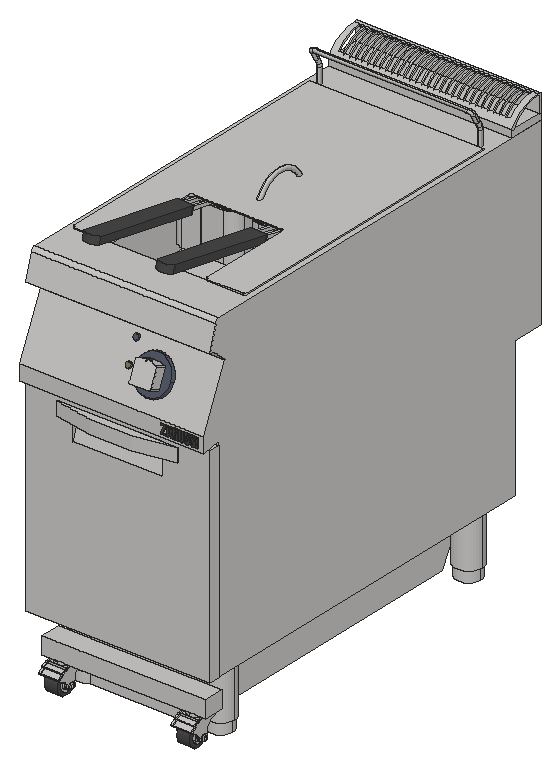
Revit family "QF_ZANUSSI_392337_Z9KKGDBAMCA", category Specialty Equipment, Revit 2018 (continued)
Automatic sketch dimensions
  plane 7 "Center Y" to curve 19 = 4.443 mm
  curve 21 to plane 7 "Center Y" = 0.006 mm
  curve 24 to plane 7 "Center Y" = 61.387 mm
  curve 31 to curve 26 = 3.5 mm
  curve 44 to curve 43 = 18.617 mm
  curve 44 to curve 43 = 0 mm
  curve 31 to curve 26 = 26.726 mm
  plane 15 to curve 12 = 47.563 mm
  curve 43 to curve 25 = 18.617 mm
  curve 8 to curve 10 = 4.165 mm
  curve 9 to curve 9 = 6.272 mm
  plane 3 "LEFT" to curve 53 = 19.859 mm
  plane 3 "LEFT" to curve 8 = 17.965 mm
  curve 7 to curve 6 = 6.416 mm
  plane 8 "Center X" to curve 18 = 51.156 mm
  curve 20 to plane 8 "Center X" = 55.62 mm
  curve 18 to curve 12 = 59.576 mm
  curve 41 to curve 35 = 49.617 mm
  curve 11 to curve 26 = 43.267 mm
  curve 40 to curve 33 = 3.381 mm
  curve 31 to curve 24 = 3.381 mm
  curve 30 to curve 25 = 3.39 mm
  curve 39 to curve 34 = 3.39 mm
  curve 15 to plane 13 = 19.182 mm
  curve 6 to plane 13 = 19.151 mm
  curve 16 to plane 13 = 19.075 mm
  plane 13 to curve 46 = 56.069 mm
  plane 13 to curve 44 = 56.069 mm
  curve 46 to curve 45 = 3.043 mm
  curve 44 to curve 43 = 3.043 mm
  curve 43 to curve 25 = 12.145 mm
  curve 45 to curve 33 = 12.145 mm
  plane 21 to curve 53 = 60 mm
  curve 42 to curve 16 = 0 mm
  curve 49 to plane 14 = 33.649 mm
  curve 35 to curve 37 = 0.57 mm
  curve 12 to curve 36 = 5.251 mm
  curve 36 to curve 38 = 17.363 mm
  curve 38 to curve 41 = 5.857 mm
  curve 31 to curve 32 = 0.579 mm
  curve 32 to curve 29 = 5.857 mm
  curve 27 to curve 11 = 7.751 mm
  curve 28 to curve 26 = 0.57 mm
  plane 15 to curve 47 = 33.649 mm
  curve 54 to plane 12 = 54.11 mm
  plane 12 to curve 6 = 15.304 mm
  plane 12 to curve 17 = 15.304 mm
  curve 23 to plane 13 = 12.735 mm
  curve 15 to curve 42 = 6.447 mm
  curve 44 to curve 43 = 3.111 mm
  curve 46 to curve 45 = 3.111 mm
  curve 4 to plane 5 "FRONT" = 15 mm
  curve 5 to plane 5 "FRONT" = 15 mm
  Revolve 6 sketch curve to level = 0 mm
  Revolve 6 sketch curve to plane 11 "feet" = 0 mm  (x2)
  Revolve 6 sketch curve to plane 15 = 0 mm  (x2)
  level to Revolve 6 sketch curve = 25 mm
  Revolve 6 sketch curve to plane 15 = 26.25 mm
  plane 3 "LEFT" to Revolve 6 sketch curve = 26 mm
  plane 11 "feet" to Revolve 6 sketch curve = 20 mm
  Revolve 7 sketch curve to level = 0 mm
  Revolve 7 sketch curve to plane 11 "feet" = 0 mm  (x2)
  Revolve 7 sketch curve to plane 14 = 0 mm  (x2)
  level to Revolve 7 sketch curve = 25 mm
  Revolve 7 sketch curve to plane 20 = 15.25 mm
  Revolve 7 sketch curve to plane 20 = 19 mm
  plane 11 "feet" to Revolve 7 sketch curve = 20 mm
  Revolve 8 sketch curve to level = 0 mm
  Revolve 8 sketch curve to plane 11 "feet" = 0 mm  (x2)
  Revolve 8 sketch curve to plane 14 = 0 mm  (x2)
  level to Revolve 8 sketch curve = 25 mm
  Revolve 8 sketch curve to plane 20 = 15.25 mm
  Revolve 8 sketch curve to plane 20 = 19 mm
  plane 11 "feet" to Revolve 8 sketch curve = 20 mm
  Extrusion 9 sketch curve to plane 10 "TOP A" = 0 mm
  Extrusion 9 sketch curve to plane 12 = 49 mm
  plane 1 "BACK" to Extrusion 9 sketch curve = 0.111 mm
  Extrusion 9 sketch curve to Extrusion 9 sketch curve = 14 mm
  Revolve 10 sketch curve to level = 0 mm
  Revolve 10 sketch curve to plane 11 "feet" = 0 mm  (x2)
  plane 15 to Revolve 10 sketch curve = 0 mm  (x2)
  level to Revolve 10 sketch curve = 25 mm
  Revolve 10 sketch curve to plane 15 = 26.25 mm
  plane 3 "LEFT" to Revolve 10 sketch curve = 26 mm
  plane 11 "feet" to Revolve 10 sketch curve = 20 mm
  plane 10 "TOP A" to Extrusion 12 sketch curve = 2.752 mm
  Extrusion 12 sketch curve to plane 8 "Center X" = 166.75 mm
  Extrusion 12 sketch curve to Extrusion 12 sketch curve = 2.306 mm
  Extrusion 12 sketch curve to Extrusion 12 sketch curve = 42.039 mm
  Extrusion 12 sketch curve to Extrusion 12 sketch curve = 6.254 mm
  Extrusion 12 sketch curve to Extrusion 12 sketch curve = 59.061 mm
  Extrusion 12 sketch curve to Extrusion 12 sketch curve = 7.158 mm
  Extrusion 12 sketch curve to Extrusion 12 sketch curve = 18.997 mm
  Extrusion 13 sketch curve to Extrusion 13 sketch curve = 0 mm  (x8)
  Extrusion 13 sketch curve to plane 7 "Center Y" = 12.729 mm
  Extrusion 13 sketch curve to Extrusion 13 sketch curve = 3.175 mm
  Extrusion 13 sketch curve to Extrusion 13 sketch curve = 22.225 mm  (x2)
  plane 15 to Extrusion 13 sketch curve = 15.596 mm  (x2)
  Extrusion 13 sketch curve to plane 15 = 6.629 mm
  plane 12 to Extrusion 13 sketch curve = 59.26 mm
  Extrusion 13 sketch curve to plane 8 "Center X" = 80.89 mm
  plane 15 to Extrusion 14 sketch curve = 45.378 mm
  Extrusion 14 sketch curve to Extrusion 14 sketch curve = 0 mm
  Extrusion 14 sketch curve to Extrusion 14 sketch curve = 11.832 mm
  plane 15 to Extrusion 14 sketch curve = 48.887 mm
  Extrusion 14 sketch curve to Extrusion 14 sketch curve = 243.056 mm
  Extrusion 14 sketch curve to Extrusion 14 sketch curve = 3.5 mm
  Extrusion 14 sketch curve to Extrusion 14 sketch curve = 18.617 mm
  plane 10 "TOP A" to Extrusion 15 sketch curve = 2.752 mm
  Extrusion 15 sketch curve to plane 8 "Center X" = 166.75 mm
  Extrusion 15 sketch curve to Extrusion 15 sketch curve = 2.306 mm
  Extrusion 15 sketch curve to Extrusion 15 sketch curve = 42.039 mm
  Extrusion 15 sketch curve to Extrusion 15 sketch curve = 6.254 mm
  Extrusion 15 sketch curve to Extrusion 15 sketch curve = 59.061 mm
  Extrusion 15 sketch curve to Extrusion 15 sketch curve = 7.158 mm
  Extrusion 15 sketch curve to Extrusion 15 sketch curve = 18.997 mm
  plane 10 "TOP A" to Extrusion 16 sketch curve = 2.752 mm
  Extrusion 16 sketch curve to plane 8 "Center X" = 166.75 mm
  Extrusion 16 sketch curve to Extrusion 16 sketch curve = 2.306 mm
  Extrusion 16 sketch curve to Extrusion 16 sketch curve = 42.039 mm
  Extrusion 16 sketch curve to Extrusion 16 sketch curve = 6.254 mm
  Extrusion 16 sketch curve to Extrusion 16 sketch curve = 59.061 mm
  Extrusion 16 sketch curve to Extrusion 16 sketch curve = 7.158 mm
  Extrusion 16 sketch curve to Extrusion 16 sketch curve = 5.916 mm
  Extrusion 17 sketch curve to Extrusion 17 sketch curve = 0 mm  (x8)
  plane 7 "Center Y" to Extrusion 17 sketch curve = 12.729 mm
  Extrusion 17 sketch curve to Extrusion 17 sketch curve = 3.175 mm
  Extrusion 17 sketch curve to Extrusion 17 sketch curve = 22.225 mm  (x2)
  Extrusion 17 sketch curve to plane 14 = 15.596 mm  (x2)
  plane 20 to Extrusion 17 sketch curve = 4.371 mm
  Extrusion 17 sketch curve to plane 8 "Center X" = 106.29 mm
  plane 12 to Extrusion 17 sketch curve = 84.66 mm
  plane 10 "TOP A" to Extrusion 18 sketch curve = 2.752 mm
  Extrusion 18 sketch curve to plane 8 "Center X" = 166.75 mm
  Extrusion 18 sketch curve to Extrusion 18 sketch curve = 2.306 mm
  Extrusion 18 sketch curve to Extrusion 18 sketch curve = 42.039 mm
  Extrusion 18 sketch curve to Extrusion 18 sketch curve = 6.254 mm
  Extrusion 18 sketch curve to Extrusion 18 sketch curve = 59.061 mm
  Extrusion 18 sketch curve to Extrusion 18 sketch curve = 7.158 mm
  Extrusion 18 sketch curve to Extrusion 18 sketch curve = 5.916 mm
  Extrusion 19 sketch curve to plane 11 "feet" = 0 mm
  level to Extrusion 19 sketch curve = 10 mm
  plane 13 to Extrusion 19 sketch curve = 35.361 mm
  plane 12 to Extrusion 19 sketch curve = 31.603 mm
  Extrusion 19 sketch curve to plane 12 = 46 mm
  Split face 1 sketch curve to Extrusion 19 = 2 mm  (x2)
  Split face 1 sketch curve to Extrusion 19 = 1 mm
  Split face 1 sketch curve to Extrusion 19 = 47.969 mm
  Split face 2 sketch curve to Extrusion 19 = 51.412 mm
  Split face 2 sketch curve to Split face 2 sketch curve = 7.5 mm
  Split face 2 sketch curve to Split face 2 sketch curve = 15 mm  (x2)
  Split face 2 sketch curve to Extrusion 19 = 35.145 mm
  Extrusion 20 sketch curve to plane 14 = 45.378 mm
  Extrusion 20 sketch curve to Extrusion 20 sketch curve = 0 mm
  Extrusion 20 sketch curve to Extrusion 20 sketch curve = 11.832 mm
  Extrusion 20 sketch curve to plane 14 = 48.887 mm
  Extrusion 20 sketch curve to Extrusion 20 sketch curve = 243.056 mm
  Extrusion 20 sketch curve to Extrusion 20 sketch curve = 3.5 mm
  Extrusion 20 sketch curve to Extrusion 20 sketch curve = 18.617 mm
  Extrusion 21 sketch curve to plane 21 = 0 mm
  Extrusion 21 sketch curve to plane 20 = 20.922 mm
  plane 3 "LEFT" to Extrusion 21 sketch curve = 19.859 mm
  plane 13 to Extrusion 21 sketch curve = 35.361 mm
  Extrusion 22 sketch curve to plane 5 "FRONT" = 34.639 mm
  plane 13 to Extrusion 22 sketch curve = 35.361 mm
  level to Extrusion 22 sketch curve = 63.5 mm
  Extrusion 22 sketch curve to Extrusion 22 sketch curve = 36.5 mm
  curve 50 to plane 4 "RIGHT" = 11.548 mm
  plane 12 to curve 50 = 15.304 mm
  curve 50 to curve 50 = 9.722 mm
  Extrusion 23 sketch curve to plane 4 "RIGHT" = 13 mm
  Extrusion 23 sketch curve to Extrusion 23 sketch curve = 10 mm  (x22)
  Extrusion 23 sketch curve to Extrusion 23 sketch curve = 3 mm  (x28)
  Extrusion 23 sketch curve to plane 20 = 9 mm
  plane 20 to Extrusion 23 sketch curve = 4 mm
  Extrusion 23 sketch curve to plane 14 = 6 mm
  plane 7 "Center Y" to Extrusion 23 sketch curve = 8 mm
  Extrusion 23 sketch curve to plane 7 "Center Y" = 5 mm
  plane 15 to Extrusion 23 sketch curve = 9 mm
  Extrusion 23 sketch curve to plane 15 = 4 mm
  plane 1 "BACK" to Extrusion 23 sketch curve = 11.066 mm  (x3)
  Extrusion 23 sketch curve to Extrusion 23 sketch curve = 0 mm  (x54)
  Extrusion 23 sketch curve to Extrusion 23 sketch curve = 55 mm
  plane 9 "BASE" to Extrusion 24 sketch curve = 8.797 mm
  Extrusion 24 sketch curve to plane 14 = 37.84 mm
  Extrusion 24 sketch curve to Extrusion 24 sketch curve = 0.505 mm  (x7)
  Extrusion 24 sketch curve to Extrusion 24 sketch curve = 4.683 mm
  Extrusion 24 sketch curve to Extrusion 24 sketch curve = 7.023 mm
  Extrusion 24 sketch curve to Extrusion 24 sketch curve = 6.814 mm
  Extrusion 24 sketch curve to Extrusion 24 sketch curve = 3.968 mm
  plane 9 "BASE" to Extrusion 24 sketch curve = 6.892 mm  (x4)
  Extrusion 24 sketch curve to Extrusion 24 sketch curve = 0.253 mm  (x6)
  Extrusion 24 sketch curve to Extrusion 24 sketch curve = 4.169 mm  (x4)
  Extrusion 24 sketch curve to Extrusion 24 sketch curve = 4.548 mm  (x2)
  Extrusion 24 sketch curve to Extrusion 24 sketch curve = 0.632 mm  (x5)
  Extrusion 24 sketch curve to Extrusion 24 sketch curve = 3.032 mm  (x4)
  Extrusion 24 sketch curve to Extrusion 24 sketch curve = 2.527 mm  (x3)
  Extrusion 24 sketch curve to Extrusion 24 sketch curve = 3.664 mm  (x2)
  Extrusion 24 sketch curve to Extrusion 24 sketch curve = 4.295 mm  (x2)
  Extrusion 24 sketch curve to Extrusion 24 sketch curve = 3.916 mm  (x3)
  Extrusion 24 sketch curve to Extrusion 24 sketch curve = 4.674 mm
  Extrusion 24 sketch curve to plane 14 = 3.477 mm
  plane 14 to Extrusion 24 sketch curve = 0.566 mm
  plane 14 to Extrusion 24 sketch curve = 1.577 mm
  plane 14 to Extrusion 24 sketch curve = 1.829 mm
  Extrusion 24 sketch curve to Extrusion 24 sketch curve = 0.379 mm  (x2)
  Extrusion 24 sketch curve to Extrusion 24 sketch curve = 0.884 mm  (x9)
  Extrusion 24 sketch curve to Extrusion 24 sketch curve = 1.769 mm  (x6)
  Extrusion 24 sketch curve to Extrusion 24 sketch curve = 4.422 mm  (x4)
  Extrusion 24 sketch curve to Extrusion 24 sketch curve = 0.758 mm  (x4)
  Extrusion 24 sketch curve to Extrusion 24 sketch curve = 1.39 mm  (x4)
  plane 20 to Extrusion 24 sketch curve = 2.349 mm
  Extrusion 24 sketch curve to Extrusion 24 sketch curve = 2.022 mm  (x3)
  Extrusion 24 sketch curve to Extrusion 24 sketch curve = 1.011 mm  (x3)
  Extrusion 24 sketch curve to plane 20 = 0.178 mm
  Extrusion 24 sketch curve to plane 20 = 1.947 mm
  Extrusion 24 sketch curve to plane 20 = 2.073 mm
  Extrusion 24 sketch curve to plane 20 = 2.705 mm
  Extrusion 24 sketch curve to plane 20 = 3.336 mm
  Extrusion 24 sketch curve to Extrusion 24 sketch curve = 2.021 mm  (x5)
  Extrusion 24 sketch curve to Extrusion 24 sketch curve = 2.148 mm  (x2)
  Extrusion 24 sketch curve to Extrusion 24 sketch curve = 3.158 mm  (x2)
  Extrusion 24 sketch curve to Extrusion 24 sketch curve = 1.516 mm  (x4)
  Extrusion 24 sketch curve to Extrusion 24 sketch curve = 1.642 mm  (x2)
  Extrusion 24 sketch curve to Extrusion 24 sketch curve = 1.263 mm  (x4)
  Extrusion 24 sketch curve to Extrusion 24 sketch curve = 2.653 mm  (x6)
  Extrusion 24 sketch curve to Extrusion 24 sketch curve = 4.927 mm
  plane 9 "BASE" to Extrusion 24 sketch curve = 8.282 mm
  Extrusion 24 sketch curve to Extrusion 24 sketch curve = 2.4 mm  (x5)
  Extrusion 24 sketch curve to Extrusion 24 sketch curve = 0.126 mm  (x5)
  Extrusion 24 sketch curve to Extrusion 24 sketch curve = 1.137 mm  (x3)
  plane 9 "BASE" to Extrusion 24 sketch curve = 10.935 mm
  plane 9 "BASE" to Extrusion 24 sketch curve = 7.398 mm
  Extrusion 24 sketch curve to Extrusion 24 sketch curve = 4.043 mm  (x3)
  Extrusion 24 sketch curve to Extrusion 24 sketch curve = 3.917 mm  (x2)
  Extrusion 24 sketch curve to Extrusion 24 sketch curve = 2.779 mm  (x2)
  Extrusion 24 sketch curve to Extrusion 24 sketch curve = 0 mm  (x5)
  Extrusion 24 sketch curve to Extrusion 24 sketch curve = 1.905 mm
  Extrusion 24 sketch curve to Extrusion 24 sketch curve = 4.05 mm
  Extrusion 24 sketch curve to Extrusion 24 sketch curve = 2.274 mm
  Extrusion 24 sketch curve to Extrusion 24 sketch curve = 3.537 mm
  Extrusion 24 sketch curve to Extrusion 24 sketch curve = 1.895 mm
  Extrusion 24 sketch curve to Extrusion 24 sketch curve = 2.906 mm
  Extrusion 24 sketch curve to Extrusion 24 sketch curve = 6.443 mm
  Extrusion 24 sketch curve to Extrusion 24 sketch curve = 13.511 mm
  Extrusion 24 sketch curve to Extrusion 24 sketch curve = 0.153 mm
  Extrusion 24 sketch curve to Extrusion 24 sketch curve = 9.825 mm
  Extrusion 24 sketch curve to Extrusion 24 sketch curve = 0.226 mm
  Extrusion 24 sketch curve to Extrusion 24 sketch curve = 3.79 mm  (x2)
  Extrusion 24 sketch curve to Extrusion 24 sketch curve = 7.327 mm
  Extrusion 24 sketch curve to Extrusion 24 sketch curve = 3.692 mm
  plane 5 "FRONT" to curve 58 = 0 mm
  curve 59 to plane 4 "RIGHT" = 0 mm
  plane 5 "FRONT" to curve 76 = 0 mm
  curve 57 to plane 3 "LEFT" = 0 mm
  curve 142 to plane 4 "RIGHT" = 13 mm
  plane 12 to curve 74 = 7.2 mm
  curve 74 to plane 4 "RIGHT" = 21.27 mm
  curve 142 to curve 143 = 10 mm
  curve 74 to curve 67 = 3.999 mm
  curve 141 to curve 145 = 3 mm
  curve 68 to curve 63 = 2.479 mm
  curve 69 to curve 63 = 0.266 mm
  curve 63 to curve 62 = 2.464 mm
  curve 72 to curve 70 = 2.675 mm
  curve 145 to plane 20 = 9 mm
  curve 147 to curve 151 = 3 mm
  plane 20 to curve 151 = 4 mm
  curve 149 to curve 154 = 3 mm
  curve 155 to plane 14 = 6 mm
  curve 153 to curve 157 = 3 mm
  curve 158 to curve 159 = 10 mm
  curve 159 to curve 163 = 3 mm
  curve 162 to curve 163 = 10 mm
  curve 161 to curve 165 = 3 mm
  curve 166 to curve 168 = 10 mm
  curve 167 to curve 171 = 3 mm
  curve 169 to curve 172 = 10 mm
  curve 169 to curve 173 = 3 mm
  curve 174 to curve 175 = 10 mm
  curve 173 to curve 178 = 3 mm
  curve 178 to curve 179 = 10 mm
  curve 177 to curve 181 = 3 mm
  curve 181 to curve 184 = 10 mm
  curve 183 to curve 187 = 3 mm
  curve 186 to curve 187 = 10 mm
  curve 187 to curve 191 = 3 mm
  curve 190 to curve 191 = 10 mm
  curve 189 to curve 140 = 3 mm
  plane 7 "Center Y" to curve 138 = 8 mm
  curve 138 to curve 136 = 3 mm
  curve 134 to plane 7 "Center Y" = 5 mm
  curve 134 to curve 132 = 3 mm
  curve 131 to curve 130 = 10 mm
  curve 129 to curve 125 = 3 mm
  curve 127 to curve 126 = 10 mm
  curve 126 to curve 124 = 3 mm
  curve 121 to curve 121 = 10 mm
  curve 121 to curve 120 = 3 mm
  curve 119 to curve 118 = 10 mm
  curve 117 to curve 116 = 3 mm
  curve 115 to curve 114 = 10 mm
  curve 113 to curve 112 = 3 mm
  curve 111 to curve 110 = 10 mm
  curve 109 to curve 108 = 3 mm
  curve 107 to curve 106 = 10 mm
  curve 105 to curve 104 = 3 mm
  curve 103 to curve 102 = 10 mm
  curve 101 to curve 100 = 3 mm
  curve 99 to curve 98 = 10 mm
  curve 97 to curve 96 = 3 mm
  plane 15 to curve 94 = 9 mm
  curve 94 to curve 92 = 3 mm
  curve 90 to plane 15 = 4 mm
  curve 90 to curve 88 = 3 mm
  curve 87 to curve 86 = 10 mm
  curve 86 to curve 84 = 3 mm
  plane 12 to curve 66 = 18.404 mm
  curve 66 to plane 15 = 24.057 mm
  curve 66 to curve 62 = 0.211 mm
  curve 66 to curve 63 = 2.675 mm
  curve 63 to curve 65 = 0.266 mm
  curve 65 to curve 64 = 2.213 mm
  curve 81 to curve 82 = 10 mm
  curve 60 to curve 60 = 3.999 mm
  curve 81 to curve 77 = 3 mm
  curve 77 to curve 77 = 10 mm
  curve 167 to plane 12 = 59.934 mm
  curve 166 to curve 164 = 0 mm
  curve 170 to curve 167 = 0 mm
  curve 162 to curve 160 = 0 mm
  curve 174 to curve 171 = 0 mm
  curve 158 to curve 156 = 0 mm
  curve 178 to curve 175 = 0 mm
  curve 154 to curve 152 = 0 mm
  curve 182 to curve 179 = 0 mm
  curve 191 to curve 183 = 0 mm
  curve 108 to plane 12 = 59.934 mm
  curve 150 to curve 148 = 0 mm
  curve 146 to curve 144 = 0 mm
  curve 186 to curve 183 = 0 mm
  curve 140 to curve 191 = 0 mm
  curve 78 to plane 12 = 59.934 mm
  curve 136 to curve 138 = 0 mm
  curve 79 to curve 82 = 0 mm
  curve 132 to curve 134 = 0 mm
  curve 83 to curve 86 = 0 mm
  curve 128 to curve 130 = 0 mm
  curve 87 to curve 90 = 0 mm
  curve 124 to curve 126 = 0 mm
  curve 91 to curve 94 = 0 mm
  curve 120 to curve 122 = 0 mm
  curve 95 to curve 98 = 0 mm
  curve 116 to curve 118 = 0 mm
  curve 99 to curve 102 = 0 mm
  curve 112 to curve 114 = 0 mm
  plane 1 "BACK" to curve 189 = 11.066 mm
  plane 1 "BACK" to curve 108 = 11.066 mm
  curve 105 to curve 109 = 0 mm
  curve 104 to curve 105 = 0 mm
  curve 109 to curve 113 = 0 mm
  curve 100 to curve 101 = 0 mm
  curve 113 to curve 117 = 0 mm
  curve 96 to curve 97 = 0 mm
  curve 117 to curve 121 = 0 mm
  curve 121 to curve 125 = 0 mm
  curve 92 to curve 93 = 0 mm
  curve 125 to curve 129 = 0 mm
  curve 88 to curve 89 = 0 mm
  curve 129 to curve 133 = 0 mm
  curve 84 to curve 85 = 0 mm
  curve 133 to curve 137 = 0 mm
  curve 80 to curve 81 = 0 mm
  plane 1 "BACK" to curve 141 = 11.066 mm
  curve 145 to curve 141 = 0 mm
  curve 149 to curve 145 = 0 mm
  curve 153 to curve 149 = 0 mm
  curve 157 to curve 153 = 0 mm
  curve 161 to curve 157 = 0 mm
  curve 165 to curve 161 = 0 mm
  curve 169 to curve 165 = 0 mm
  curve 173 to curve 169 = 0 mm
  curve 177 to curve 173 = 0 mm
  curve 181 to curve 177 = 0 mm
  curve 185 to curve 181 = 0 mm
  plane 12 to curve 61 = 7.2 mm
  curve 75 to curve 70 = 11.204 mm
  curve 70 to curve 69 = 5.999 mm
  curve 66 to curve 65 = 5.999 mm
  curve 65 to curve 63 = 0.615 mm
  curve 65 to curve 64 = 1.208 mm
  curve 69 to curve 68 = 1.208 mm
  curve 68 to curve 74 = 0.023 mm
  curve 64 to curve 61 = 0.023 mm
  curve 63 to curve 62 = 8 mm
  curve 59 to plane 5 "FRONT" = 15 mm
  plane 4 "RIGHT" to curve 58 = 102.019 mm
  curve 68 to curve 69 = 1.533 mm
  plane 5 "FRONT" to curve 193 = 10.842 mm
  plane 7 "Center Y" to curve 193 = 46.392 mm
  curve 62 to curve 65 = 5.068 mm
  curve 71 to curve 71 = 9.722 mm
  curve 56 to curve 56 = 102.019 mm
  curve 61 to curve 71 = 8.104 mm
  curve 72 to curve 66 = 3.1 mm
  plane 12 to Sweep 25 sketch curve = 23.665 mm
  plane 12 to Sweep 25 sketch curve = 9.405 mm
  plane 12 to Sweep 25 sketch curve = 7.199 mm
  Sweep 25 sketch curve to plane 6 "TOP" = 24.123 mm
  Sweep 25 sketch curve to plane 6 "TOP" = 6.721 mm
  Sweep 25 sketch curve to Sweep 25 sketch curve = 5.294 mm
  Sweep 25 sketch curve to plane 10 "TOP A" = 0.883 mm
  Sweep 25 sketch curve to Sweep 25 sketch curve = 0 mm  (x4)
  Sweep 25 sketch curve to profile plane = 0.001 mm  (x2)
  profile plane to Sweep 25 sketch curve = 25.269 mm
  Sweep 25 sketch curve to Sweep 25 sketch curve = 349.461 mm
  profile plane to Sweep 25 sketch curve = 3.998 mm  (x2)
  Sweep 26 sketch curve to plane 20 = 19.731 mm
  Sweep 26 sketch curve to Sweep 26 sketch curve = 7 mm  (x2)
  Sweep 26 sketch curve to plane 15 = 23.731 mm
  Sweep 26 sketch curve to Sweep 26 sketch curve = 21.637 mm  (x2)
  Sweep 26 sketch curve to profile plane = 0 mm  (x2)
  plane 10 "TOP A" to Extrusion 27 sketch curve = 14 mm  (x2)
  Extrusion 27 sketch curve to plane 12 = 49 mm
  Extrusion 27 sketch curve to Extrusion 27 sketch curve = 3.134 mm
  Extrusion 27 sketch curve to plane 6 "TOP" = 3 mm
  plane 1 "BACK" to Extrusion 27 sketch curve = 5.111 mm
  Extrusion 27 sketch curve to Extrusion 27 sketch curve = 0.769 mm
  plane 1 "BACK" to Extrusion 27 sketch curve = 2.111 mm
  plane 1 "BACK" to Extrusion 27 sketch curve = 0.111 mm
  Extrusion 27 sketch curve to Extrusion 27 sketch curve = 0.01 mm
  plane 7 "Center Y" to Blend 28 sketch curve = 69.392 mm  (x2)
  plane 7 "Center Y" to Extrusion 29 sketch curve = 46.392 mm
  Extrusion 29 sketch curve to Extrusion 29 sketch curve = 2.997 mm  (x3)
  Extrusion 29 sketch curve to Extrusion 29 sketch curve = 20.003 mm  (x2)
  Extrusion 29 sketch curve to Extrusion 29 sketch curve = 40.005 mm
  Extrusion 29 sketch curve to Extrusion 29 sketch curve = 5.399 mm
  Extrusion 29 sketch curve to Extrusion 29 sketch curve = 40.037 mm
  Extrusion 29 sketch curve to Extrusion 29 sketch curve = 0 mm  (x2)
  plane 23 "PANEL" to Extrusion 30 sketch curve = 35 mm
  Extrusion 30 sketch curve to plane 5 "FRONT" = 6.647 mm
  Extrusion 30 sketch curve to Extrusion 30 sketch curve = 3 mm
  Extrusion 30 sketch curve to Extrusion 30 sketch curve = 0 mm  (x2)
  Extrusion 30 sketch curve to Extrusion 30 sketch curve = 1 mm
  Extrusion 30 sketch curve to Extrusion 30 sketch curve = 15 mm
  plane 7 "Center Y" to Extrusion 31 sketch curve = 14.391 mm
  plane 7 "Center Y" to Extrusion 32 sketch curve = 14.391 mm
  plane 7 "Center Y" to Extrusion 33 sketch curve = 51.892 mm
  Extrusion 33 sketch curve to Extrusion 33 sketch curve = 35 mm  (x2)
  radius of Sweep 4 sketch curve = 4.353 mm
  radius of Extrusion 11 sketch curve = 6.35 mm
  radius of Sweep 26 sketch curve = 4 mm
  radius of Blend 28 sketch curve = 42.5 mm
  radius of Blend 28 sketch curve = 40.5 mm
  radius of Split face 3 sketch curve = 1 mm
  radius of Split face 4 sketch curve = 1 mm
  radius of Split face 5 sketch curve = 1 mm
  radius of Split face 6 sketch curve = 1 mm
  radius of Split face 7 sketch curve = 1 mm
  radius of Split face 8 sketch curve = 1 mm
  radius of Split face 9 sketch curve = 1 mm
  radius of Split face 10 sketch curve = 1 mm
  radius of Split face 11 sketch curve = 1 mm
  radius of Split face 12 sketch curve = 1 mm
  radius of Split face 13 sketch curve = 1 mm
  radius of Split face 14 sketch curve = 1 mm
  radius of Split face 15 sketch curve = 1 mm
  radius of Split face 16 sketch curve = 1 mm
  radius of Split face 17 sketch curve = 1 mm
  radius of Split face 18 sketch curve = 1 mm
  radius of Split face 19 sketch curve = 1 mm
  radius of Split face 20 sketch curve = 1 mm
  radius of Split face 21 sketch curve = 1 mm
  radius of Extrusion 31 sketch curve = 6 mm
  radius of Extrusion 32 sketch curve = 6 mm
  radius of Split face 22 sketch curve = 1 mm
Nested families
  nested 1: "QF_392337_CASTERS" at (56, -865.361, 0), type "QF_392337_CASTERS"
    with Type Mark "", Status "", Specification by User "", Revision Code "", Item Number "", Installed By "", Identify Quantity as Lot yes, Furnished By "", Foodservice Equipment Identifier yes, 2.5 Inches Caster yes
  nested 2: "QF_392337_CASTERS" at (344, -865.361, 0), type "QF_392337_CASTERS"
    with Type Mark "", Status "", Specification by User "", Revision Code "", Item Number "", Installed By "", Identify Quantity as Lot yes, Furnished By "", Foodservice Equipment Identifier yes, 2.5 Inches Caster yes
  nested 3: "QF_392337_DOOR" at (200, -873.773, 500.058) x (1, 0, 0) z (0, -1, 0), type "QF_392337_DOOR"
    with Show Clearance yes
Connectors
  electrical at (355, -585, 162), driven by "Volts", driven by "Watts"
    settings: on Extrusion 11, index 1, voltage 400 V, apparent load 18000 VA, apparent load phase1 0 VA, apparent load phase2 0 VA, apparent load phase3 0 VA, power factor 1, load classification "Other", number of poles 1, system type 30, power factor state 1, is connector primary yes, connector utility no, sub classification motor no, connector description "ELECTRICAL CONNECTION"
Definition of nested family "QF_392337_CASTERS"
  Parameters
    Weight = ""
    URL Manufacturer = ""
    URL Cutsheet = ""
    URL = ""
    Type Mark [instance] = ""
    Status [instance] = ""
    Specification by User [instance] = ""
    Specification by Manufacturer = ""
    Serial Number = ""
    Seismic Rating = ""
    SMACNA No = ""
    Revision Code [instance] = ""
    Omniclass Number and Title = ""
    NAFEM Spec ID Number = ""
    Model = ""
    MasterSpec. = ""
    Manufacturer = ""
    Item Number [instance] = ""
    Installed By [instance] = ""
    Identify Quantity as Lot [instance] = yes
    Furnished By [instance] = ""
    Foodservice Equipment Identifier [instance] = yes
    Description = ""
    CSI MasterFormat = ""
    CSI Master Format = ""
    Assembly Code = ""
    2.5 Inches Caster [instance] = yes
  Reference planes
    plane 1: z = 0
    plane 2 "RIGHT": x = 0
    plane 3 "FRONT": y = 0
    plane 4 "TOP": z = 63.5
  Forms (mm)
    Revolve 1, solid, visible <- "2.5 Inches Caster"
      sketch origin (0, 44.16, -95.25) x (0, 1, 0) y (0, 0, 1)
        loop
          line (-44.16, 158.75) -> (-44.16, 153.642) -> (-26.871, 153.642) -> (-26.871, 158.75) -> (-44.16, 158.75)
        axis (-44.16, 153.642) -> (-44.16, 158.75)
      angle from 0 to 360
    Revolve 2, solid, visible <- "2.5 Inches Caster"
      sketch origin (-49.224, -11.892, -25.504) x (1, 0, 0) y (0, 0, -1)
        loop
          line (18.81, -48.92) -> (80.012, -48.92) -> (80.012, -47.002) -> (78.742, -45.732) -> (77.218, -45.732) -> (77.218, -42.682) -> (66.659, -42.682) -> (66.659, -41.052) -> (62.82, -38.836) -> (62.461, -36.617) -> (63.897, -36.617) -> (63.897, -33.442) -> (63.103, -33.442) -> (63.103, -25.504) -> (34.925, -25.504) -> (34.925, -33.442) -> (34.131, -33.442) -> (34.131, -36.617) -> (35.568, -36.617) -> (35.223, -38.747) -> (31.369, -40.972) -> (31.369, -42.682) -> (21.604, -42.682) -> (21.604, -45.732) -> (20.08, -45.732) -> (18.81, -47.002) -> (18.81, -48.92)
        axis (18.81, -48.92) -> (80.012, -48.92)
      angle from 0 to 360
    Extrusion 3, solid, visible <- "2.5 Inches Caster"
      sketch origin (-49.224, -36.397, -82.654) x (0, -1, 0) y (0, 0, -1)
        loop
          arc (-16.331, -137.98) -> (-10.865, -136.763) -> (-5.649, -134.728) r 36.65
          line (-5.649, -134.728) -> (-7.378, -131.735)
          arc (-7.378, -131.735) -> (-1.843, -128.62) -> (3.229, -124.795) r 47.633
          line (3.229, -124.795) -> (1.305, -122.131)
          arc (1.305, -122.131) -> (-4.956, -125.849) -> (-11.779, -128.391) r 40.653
          arc (-11.779, -128.391) -> (-28.864, -132.28) -> (-46.219, -134.689) r 203.903
          line (-46.219, -134.689) -> (-56.209, -134.689) -> (-56.209, -141.046) -> (-16.331, -141.046) -> (-16.331, -137.98)
      from 29.809 to 68.639
    Extrusion 4, solid, visible <- "2.5 Inches Caster"
      sketch origin (-50.414, -36.397, -44.554) x (0, -1, 0) y (0, 0, -1)
        loop
          line (-56.209, -102.946) -> (-16.331, -102.946) -> (-16.331, -99.88)
          arc (-16.331, -99.88) -> (-10.865, -98.663) -> (-5.649, -96.628) r 36.65
          line (-5.649, -96.628) -> (-7.378, -93.635)
          arc (-7.378, -93.635) -> (-1.843, -90.52) -> (3.229, -86.695) r 47.633
          line (3.229, -86.695) -> (1.425, -84.197)
          arc (1.425, -84.197) -> (-9.178, -79.163) -> (-14.845, -68.885) r 19.13
          arc (-14.845, -68.885) -> (-15.145, -67.625) -> (-15.547, -66.395) r 15.67
          arc (-15.547, -66.395) -> (-24.08, -60.288) -> (-32.951, -65.891) r 9.398
          arc (-32.951, -65.891) -> (-34.578, -70.653) -> (-35.367, -75.623) r 29.308
          arc (-35.367, -75.623) -> (-41.244, -89.382) -> (-54.356, -96.589) r 22.934
          line (-54.356, -96.589) -> (-56.209, -96.589) -> (-56.209, -102.946)
      from 69.829 to 73.87
    Extrusion 5, solid, visible <- "2.5 Inches Caster"
      sketch origin (50.414, -36.397, -44.554) x (0, -1, 0) y (0, 0, 1)
        loop
          line (-56.209, 102.946) -> (-56.209, 96.589) -> (-54.356, 96.589)
          arc (-54.356, 96.589) -> (-41.244, 89.382) -> (-35.367, 75.623) r 22.934
          arc (-35.367, 75.623) -> (-34.578, 70.653) -> (-32.951, 65.891) r 29.308
          arc (-32.951, 65.891) -> (-24.08, 60.288) -> (-15.547, 66.395) r 9.398
          arc (-15.547, 66.395) -> (-15.145, 67.625) -> (-14.845, 68.885) r 15.67
          arc (-14.845, 68.885) -> (-9.178, 79.163) -> (1.425, 84.197) r 19.13
          line (1.425, 84.197) -> (3.229, 86.695)
          arc (3.229, 86.695) -> (-1.843, 90.52) -> (-7.378, 93.635) r 47.633
          line (-7.378, 93.635) -> (-5.649, 96.628)
          arc (-5.649, 96.628) -> (-10.865, 98.663) -> (-16.331, 99.88) r 36.65
          line (-16.331, 99.88) -> (-16.331, 102.946) -> (-56.209, 102.946)
      from 69.829 to 73.87
  Dimensions and locks
    plane 4 "TOP" to level = 63.5 mm  (x2)
    aligned and locked: level to plane 1
Definition of nested family "QF_392337_DOOR"
  Parameters
    Show Clearance [instance] = yes
    Model = "392337"
    Default Elevation = 1219.2 mm
  Reference planes
    plane 1 "Center (Front/Back)": y = -124.177
    plane 2: z = 0
    plane 3 "Center (Left/Right)": x = 0
    plane 4: z = 384.227
  Forms (mm)
    Extrusion 1, solid
      sketch origin (0, -919.2, 0) x (1, 0, 0) y (0, 1, 0)
        loop
          line (-300, 1454.2) -> (-300, 354.293) -> (318.267, 354.293) -> (318.267, 1454.2) -> (-300, 1454.2)
      from 0 to -59.546
    Extrusion 2, solid
      sketch origin (0, 0, 0) x (0, 1, 0) y (0, 0, 1)
        loop
          line (101.704, 26.227) -> (-350.058, 26.227) -> (-350.058, 1.587) -> (101.704, 1.587) -> (101.704, 26.227)
      from -200 to 200
    Extrusion 3, solid, visible <- "Show Clearance", detail levels coarse
      sketch origin (0, -124.177, 0) x (1, 0, 0) y (0, 0, 1)
        loop
          arc (200, 399.227) -> (-78.098, 286.026) -> (-199.088, 11.227) r 400
          line (-199.088, 11.227) -> (200, 11.227) -> (200, 399.227)
      from -225.881 to 225.881
    Extrusion 4, void
      sketch origin (-1.36, -500.058, -845.911) x (0, 0, -1) y (0, 1, 0)
        loop
          line (-872.138, 585) -> (-872.138, 515.55) -> (-848.948, 585) -> (-872.138, 585)
      from -96.424 to 99.144
    Extrusion 5, solid
      sketch origin (0, -124.177, 0) x (1, 0, 0) y (0, 0, 1)
        loop
          line (-130.529, 26.227) -> (132.106, 26.227) -> (132.106, 28.227)
          arc (132.106, 28.227) -> (0.788, 46.508) -> (-130.529, 28.227) r 480.772
          line (-130.529, 28.227) -> (-130.529, 26.227)
      from -209.119 to -179.231
  Cuts and joins
    Extrusion 4 cuts Extrusion 2
  Lines and regions (mm)
    symbolic lines
      curve 1: arc (-197.057, -124.177, 41.227) -> (-76.135, -124.177, 287.922) -> (175.4, -124.177, 398.424) r 400
      curve 2: line (200, -124.177, 41.227) -> (200, -124.177, 399.227)
      curve 3: line (175.4, -124.177, 41.227) -> (175.4, -124.177, 399.227)
      curve 4: line (175.4, -124.177, 399.227) -> (200, -124.177, 399.227)
  Dimensions and locks
    aligned and locked: plane 2 to Extrusion 1
    aligned and locked: level to Extrusion 1
